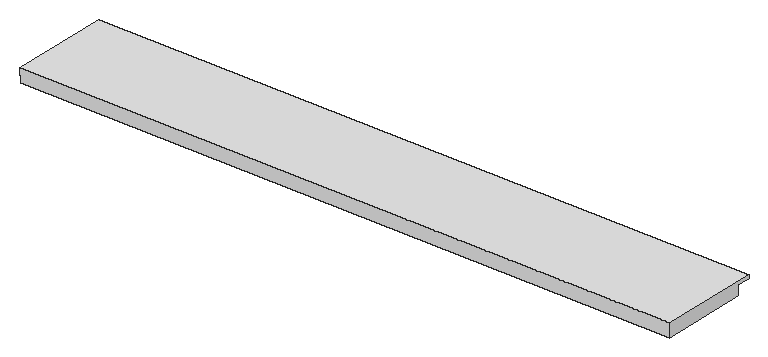
Revit family "11-TRIMBOARD-AND-STEALTH-TRIM-CADS-117-8-standard-st-4-REVIT_Versatex-Generic-Model-5-4in-x-8in-STEALTH-TRIM-1in-Pocket", category Generic Models, host Face, Revit 2026
Family settings
  Host = Face
  Can host rebar = No
  Round Connector Dimension = Use Diameter
  Part Type = Normal
  Cut with Voids When Loaded = No
  Maintain Annotation Orientation = No
  Shared = No
  Room Calculation Point = No
Parameters
  Model = "STBSM/TR540818"
  Length = 4' - 0"
  Warranty = "https://versatex.com/warranty/"
  URL = "https://versatex.com/"
  Specification = "https://www.arcat.com/company/versatex-45716/spec?coid=45716"
  Sales Information = "https://versatex.com/dealer-locator/"
  Message Manufacturer = "https://versatex.com/contact/"
  Material = Versatex PVC - Smooth
  Manufacturer Website = "https://versatex.com/"
  Manufacturer Phone = "724-857-1111"
  Manufacturer Fax = "724-857-1171"
  Manufacturer Address = "400 Steel Street, Aliquippa, PA 15001"
  Manufacturer = "Versatex"
  Literature = "https://versatex.com/literature/?_sft_literature_category=cads"
  Description = "NOMINAL 5/4\" X 8\" STEALTH TRIM"
  Default Elevation = 4' - 0"
  Copyright = "© 2024 VERSATEX Building Products, LLC"
Reference planes (in)
  plane 1 "Center (Front/Back)": y = 0
  plane 2: z = 0
  plane 3 "Center (Left/Right)": x = 0
  plane 4: x = 24
  plane 5: x = -24
Forms (in)
  Sweep 1, solid, material "Versatex PVC - Smooth" <- "Material"
    path origin (0, 0, 0) x (1, 0, 0) y (0, 1, 0)
      loop
        line (-24, 0) -> (24, 0)
    profile "Versatex_Profile_5-4” x 8” STEALTH TRIM (1in Pocket) : Versatex_Profile_5-4” x 8” STEALTH TRIM (1in Pocket)" origin (0, 0, 0) x (0, 1, 0) y (0, 0, 1)
      loop
        line (7.25, 0.75) -> (7.25, 1) -> (0, 1) -> (0, 0) -> (6.25, 0) -> (6.25, 0.75) -> (7.25, 0.75)
Dimensions and locks (in)
  "Length": plane 5 to plane 4
  equal spacing: plane 5, plane 3 "Center (Left/Right)", plane 4, locked at 24 each
  aligned and locked: plane 2 to host face
  aligned and locked: level to host face
Automatic sketch dimensions
  host sketch curve to host sketch curve = 8' - 0"  (x2)
  plane 1 "Center (Front/Back)" to Sweep 1 sketch curve = 0' - 0"
  Sweep 1 sketch curve to plane 5 = 0' - 0"
  Sweep 1 sketch curve to plane 4 = 0' - 0"
